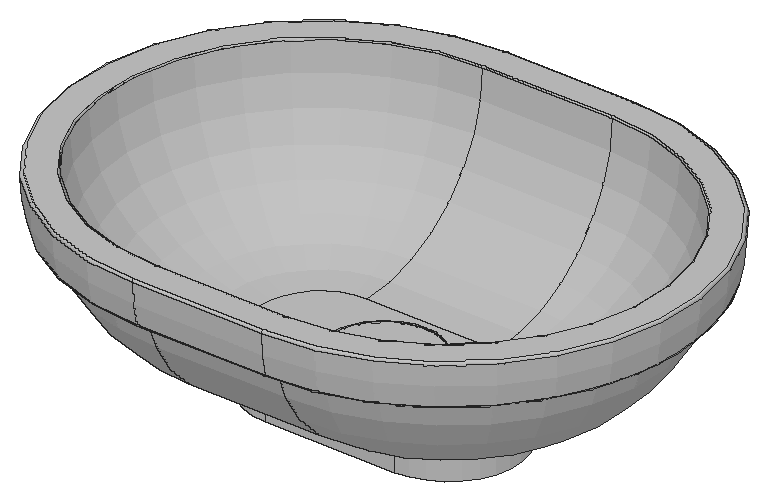
Revit family "Reece_Basin_Omvivo_Villa_Semi Inset Basin_Oval_485 mm", category Plumbing Fixtures, host Face, Revit 2018
Family settings
  Host = Face
  Round Connector Dimension = Use Diameter
  Part Type = Normal
  Cut with Voids When Loaded = No
  Shared = Yes
  Room Calculation Point = Yes
Parameters
  WFU = 0  # constant formula
  URL = "https://www.reece.com.au/product/-9510697"
  Type Comments = "Basin"
  Reece_Product_Web Page = "https://www.reece.com.au/product/-9510697"
  Reece_Product_Type = "Basin"  # constant formula
  Reece_Product_Sub Brand = "Villa"  # constant formula
  Reece_Product_Number = "9510697"
  Reece_Product_Mount = "Semi Inset"
  Reece_Product_Description = "Omvivo Villa Oval Semi Inset Basin 485 Cove Grey"
  Reece_Product_Brand = "Omvivo"  # constant formula
  Reece_Overall_Width = 485 mm  # constant formula
  Reece_Overall_Height = 162 mm  # constant formula
  Reece_Overall_Depth = 380 mm  # constant formula
  Reece_Overall_Capacity = 10.50 L  # constant formula
  Reece_Material-Main = Reece_Cast_Solid_Surface_Cove Grey
  Reece_Detail_Shape = "Oval"  # constant formula
  Reece_Detail_Installation = "Semi Inset Basin"  # constant formula
  Reece_Detail_Disclaimer = "THIS FILE IS THE PROPERTY OF THE REECE GROUP. IT MAY NOT BE REPRODUCED, REVERSE-ENGINEERED OR MODIFIED. ANY REPUBLICATION, TRANSMISSION OR DISTRIBUTION FOR THE PURPOSE OF COMMERCIALLY EXPLOITING THE FILES IS PROHIBITED."  # constant formula
  Reece_Detail_Connector = "No Taphole"  # constant formula
  Reece_Detail_Additional = "No Overflow"  # constant formula
  Reece_Basin_Outlet = 32 mm  # constant formula
  Model = "Villa"
  Manufacturer = "Omvivo"
  Keynote = "Product #9510697, Reece_Basin_Omvivo_Villa_Semi Inset Basin_Oval_485 mm -  "
  HWFU = 0  # constant formula
  Disclaimer = "THIS FILE IS THE PROPERTY OF THE REECE GROUP. IT MAY NOT BE REPRODUCED, REVERSE-ENGINEERED OR MODIFIED. ANY REPUBLICATION, TRANSMISSION OR DISTRIBUTION FOR THE PURPOSE OF COMMERCIALLY EXPLOITING THE FILES IS PROHIBITED."  # constant formula
  Description = "Omvivo Villa Oval Semi Inset Basin 485 Cove Grey"
  Default Elevation = 1000 mm
  CWFU = 0  # constant formula
Types (3, lengths in mm): name | URL | Reece_Product_Web Page | Reece_Product_Number | Reece_Product_Description | Reece_Material-Main | Keynote | Description
  (no name) | "https://www.reece.com.au/product/-9510697" | "https://www.reece.com.au/product/-9510697" | "9510697" | "Omvivo Villa Oval Semi Inset Basin 485 Cove Grey" | Reece_Cast_Solid_Surface_Cove Grey | "Product #9510697, Reece_Basin_Omvivo_Villa_Semi Inset Basin_Oval_485 mm -  " | "Omvivo Villa Oval Semi Inset Basin 485 Cove Grey"
  White Haven | "https://www.reece.com.au/product/-9510698" | "https://www.reece.com.au/product/-9510698" | "9510698" | "Omvivo Villa Oval Semi Inset Basin 485 White Haven" | Reece_Cast_Solid_Surface_White Haven | "Product #9510698, Reece_Basin_Omvivo_Villa_Semi Inset Basin_Oval_485 mm - White Haven" | "Omvivo Villa Oval Semi Inset Basin 485 White Haven"
  Cove Grey | "https://www.reece.com.au/product/-9510697" | "https://www.reece.com.au/product/-9510697" | "9510697" | "Omvivo Villa Oval Semi Inset Basin 485 Cove Grey" | Reece_Cast_Solid_Surface_Cove Grey | "Product #9510697, Reece_Basin_Omvivo_Villa_Semi Inset Basin_Oval_485 mm - Cove Grey" | "Omvivo Villa Oval Semi Inset Basin 485 Cove Grey"
Reference planes
  plane 1 "Center (Front/Back)": y = -79.125
  plane 2 "Bottom": z = 0
  plane 3 "Center (Left/Right)": x = 0
  plane 4: x = 242.5
  plane 5: x = -242.5
  plane 6: y = 110.875
  plane 7: y = -269.125
  plane 8: z = 35
  plane 9: z = -127
  plane 10: z = -95
Forms (mm)
  Sweep 1, solid, material "Reece_Cast_Solid_Surface_Cove Grey" <- "Reece_Material-Main"
    path origin (0.328, 0, 0) x (1, 0, 0) y (0, 1, 0)
      loop
        arc (-52.849, 110.875) -> (-242.849, -79.125) -> (-52.849, -269.125) r 190
        line (-52.849, -269.125) -> (52.193, -269.125)
        arc (52.193, -269.125) -> (242.193, -79.125) -> (52.193, 110.875) r 190
        line (52.193, 110.875) -> (-52.849, 110.875)
    profile origin (0, 110.875, 0) x (0, 1, 0) y (0, 0, 1)
      loop
        arc (-24, 35) -> (-24.707, 34.707) -> (-25, 34) r 1
        arc (-25, 34) -> (-59.268, -48.731) -> (-142, -83) r 117
        line (-142, -83) -> (-147.037, -83) -> (-147.037, -127) -> (-134.995, -127) -> (-134.995, -100)
        arc (-134.995, -100) -> (-133.663, -96.602) -> (-130.377, -95.015) r 5
        arc (-130.377, -95.015) -> (-57.668, -65.747) -> (-14.999, 0) r 130
        line (-14.999, 0) -> (-5.204, 0)
        arc (-5.204, 0) -> (-4.589, 0.211) -> (-4.234, 0.756) r 1
        arc (-4.234, 0.756) -> (-1.179, 16.74) -> (0, 32.971) r 140
        arc (0, 32.971) -> (-0.575, 34.404) -> (-2, 35) r 2
        line (-2, 35) -> (-24, 35)
  Extrusion 2, solid, material "Reece_Cast_Solid_Surface_Cove Grey" <- "Reece_Material-Main"
    sketch origin (0, 0, 0) x (1, 0, 0) y (0, 1, 0)
      loop
        arc (-52.521, -36.162) -> (-95.484, -79.125) -> (-52.521, -122.088) r 42.963
        line (-52.521, -122.088) -> (52.521, -122.088)
        arc (52.521, -122.088) -> (95.484, -79.125) -> (52.521, -36.162) r 42.963
        line (52.521, -36.162) -> (-52.521, -36.162)
    from -95 to -83
  Extrusion 3, void
    sketch origin (0, 0, 0) x (1, 0, 0) y (0, 1, 0)
      loop
        circle (0, -79.125) r 42.5
    from -200 to -83
  Revolve 4, solid, material "Reece_Cast_Solid_Surface_Cove Grey" <- "Reece_Material-Main"
    sketch origin (0, -79.125, -76.751) x (1, 0, 0) y (0, 0, 1)
      loop
        line (-42, -7.248) -> (-42, -8.247) -> (-22.5, -8.247) -> (-22.5, -50.247) -> (0, -50.247) -> (0, -5.406)
        arc (0, -5.406) -> (-20.525, -5.617) -> (-41.041, -6.249) r 1000
        arc (-41.041, -6.249) -> (-41.721, -6.555) -> (-42, -7.248) r 1
      axis (0, -50.247) -> (0, -5.406)
    angle from 0 to 360
  Sweep 5, void
    path origin (0, 0, 0) x (1, 0, 0) y (0, 1, 0)
      loop
        arc (-52.5, 110.875) -> (-242.5, -79.125) -> (-52.5, -269.125) r 190
        line (-52.5, -269.125) -> (52.5, -269.125)
        arc (52.5, -269.125) -> (242.5, -79.125) -> (52.5, 110.875) r 190
        line (52.5, 110.875) -> (-52.5, 110.875)
    profile origin (0, 110.875, 0) x (0, 1, 0) y (0, 0, 1)
      loop
        line (-134.995, -200) -> (-134.995, -100)
        arc (-134.995, -100) -> (-133.663, -96.602) -> (-130.377, -95.015) r 5
        arc (-130.377, -95.015) -> (-57.668, -65.747) -> (-14.999, 0) r 130
        line (-14.999, 0) -> (-145, 0) -> (-145, -200) -> (-134.995, -200)
  Extrusion 6, void
    sketch origin (0, 0, 0) x (1, 0, 0) y (0, 1, 0)
      loop
        line (50, -29.125) -> (-50, -29.125)
        arc (-50, -29.125) -> (-100, -79.125) -> (-50, -129.125) r 50
        line (-50, -129.125) -> (50, -129.125)
        arc (50, -129.125) -> (100, -79.125) -> (50, -29.125) r 50
    from -126.998 to 0
Cuts and joins
  Extrusion 3 cuts Extrusion 2
  joined: Sweep 1, Extrusion 2
Text (mm)
  text "Reece Copyright © 2018, Reece Ltd." at (-902.343, -740.328, 0), in view "Ref. Level"
  text "Reece ©" at (44.384, 258.95, 192.345), in view "Reece Preview"
Dimensions and locks
  equal spacing: plane 5, plane 3 "Center (Left/Right)", plane 4
  equal spacing: plane 7, plane 1 "Center (Front/Back)", plane 6
  "Reece_Overall_Depth": plane 6 to plane 7
  "Reece_Overall_Width": plane 5 to plane 4
  locked: plane 8 to level at 35
  "Reece_Overall_Height": plane 8 to plane 9
  locked: plane 8 to plane 10 at 130
Automatic sketch dimensions
  host sketch curve to host sketch curve = 800 mm
  host sketch curve to host sketch curve = 600 mm
  plane 1 "Center (Front/Back)" to Extrusion 3 sketch curve = 0 mm
  Extrusion 3 sketch curve to plane 3 "Center (Left/Right)" = 0 mm
  Sweep 1 sketch curve to plane 6 = 0 mm
  plane 7 to Sweep 1 sketch curve = 0 mm
  Sweep 1 sketch curve to plane 3 "Center (Left/Right)" = 52.521 mm
  plane 3 "Center (Left/Right)" to Sweep 1 sketch curve = 52.521 mm
  plane 3 "Center (Left/Right)" to Revolve 4 sketch curve = 0 mm  (x2)
  Revolve 4 sketch curve to plane 3 "Center (Left/Right)" = 22.5 mm
  Revolve 4 sketch curve to Revolve 4 sketch curve = 18.5 mm
  Revolve 4 sketch curve to Revolve 4 sketch curve = 1 mm
  Revolve 4 sketch curve to level = 1082.157 mm
  Revolve 4 sketch curve to level = 126.998 mm
  Revolve 4 sketch curve to Revolve 4 sketch curve = 42 mm
  Revolve 4 sketch curve to Revolve 4 sketch curve = 0.999 mm
  Revolve 4 sketch curve to Revolve 4 sketch curve = 2.841 mm
  Revolve 4 sketch curve to Revolve 4 sketch curve = 19.814 mm
  Revolve 4 sketch curve to Revolve 4 sketch curve = 2.135 mm
  Sweep 1 sketch curve to level = 0 mm
  Sweep 1 sketch curve to profile plane = 0 mm  (x2)
  profile plane to Sweep 1 sketch curve = 2 mm
  profile plane to Sweep 1 sketch curve = 5.204 mm
  Sweep 1 sketch curve to Sweep 1 sketch curve = 9.795 mm
  Sweep 1 sketch curve to Sweep 1 sketch curve = 22 mm
  Sweep 1 sketch curve to Sweep 1 sketch curve = 5 mm
  level to Sweep 1 sketch curve = 34.983 mm
  Sweep 1 sketch curve to Sweep 1 sketch curve = 0.323 mm
  Sweep 1 sketch curve to Sweep 1 sketch curve = 7.005 mm
  Sweep 1 sketch curve to Sweep 1 sketch curve = 5.037 mm
  Sweep 1 sketch curve to level = 83 mm
  Sweep 1 sketch curve to Sweep 1 sketch curve = 17 mm
  Sweep 1 sketch curve to Sweep 1 sketch curve = 27 mm
  level to Sweep 1 sketch curve = 1 mm
  Sweep 1 sketch curve to Sweep 1 sketch curve = 32 mm
  Sweep 1 sketch curve to Sweep 1 sketch curve = 0.983 mm
  Sweep 1 sketch curve to Sweep 1 sketch curve = 0.378 mm
  Sweep 1 sketch curve to Sweep 1 sketch curve = 0.382 mm
  Sweep 1 sketch curve to Sweep 1 sketch curve = 0 mm
  plane 1 "Center (Front/Back)" to Extrusion 2 sketch curve = 0 mm
  plane 3 "Center (Left/Right)" to Extrusion 2 sketch curve = 52.521 mm
  Extrusion 2 sketch curve to plane 3 "Center (Left/Right)" = 52.521 mm
  Extrusion 2 sketch curve to Extrusion 2 sketch curve = 42.963 mm
  plane 7 to Sweep 5 sketch curve = 0 mm
  Sweep 5 sketch curve to plane 6 = 0 mm
  Sweep 5 sketch curve to plane 3 "Center (Left/Right)" = 52.5 mm
  plane 3 "Center (Left/Right)" to Sweep 5 sketch curve = 52.5 mm
  Sweep 5 sketch curve to level = 0 mm
  profile plane to Sweep 5 sketch curve = 145 mm
  Sweep 5 sketch curve to Sweep 5 sketch curve = 4.692 mm
  Sweep 5 sketch curve to Sweep 5 sketch curve = 10.005 mm
  Sweep 5 sketch curve to Sweep 5 sketch curve = 5 mm
  profile plane to Sweep 5 sketch curve = 14.999 mm
  Sweep 5 sketch curve to level = 100 mm
  Sweep 5 sketch curve to Sweep 5 sketch curve = 100 mm
  level to Sweep 5 sketch curve = 34.605 mm
  plane 1 "Center (Front/Back)" to Extrusion 6 sketch curve = 0 mm
  Extrusion 6 sketch curve to plane 3 "Center (Left/Right)" = 50 mm
  plane 3 "Center (Left/Right)" to Extrusion 6 sketch curve = 50 mm
  Extrusion 6 sketch curve to Extrusion 6 sketch curve = 50 mm
  radius of Extrusion 3 sketch curve = 42.5 mm
Connectors
  piping at (0, -79.125, -126.998), diameter 32, driven by "Reece_Basin_Outlet"
    settings: on Revolve 4, index 1, connector inside diameter 609.6 mm, connector length 0 mm, flow factor 0, pipe flow 0.0 L/s, pressure drop 0.0 Pa, fitting loss kfactor 0, connector angle 0.00°, fixture units 0, engagement length 0 mm, angle of deflection 0.00°, flow configuration 0, flow direction 2, fitting loss method 0, system type 16, joint type 0, gender type 0, connector reference index -1, connector utility 0, adjustable connector no, is connector primary yes, connector description ""
